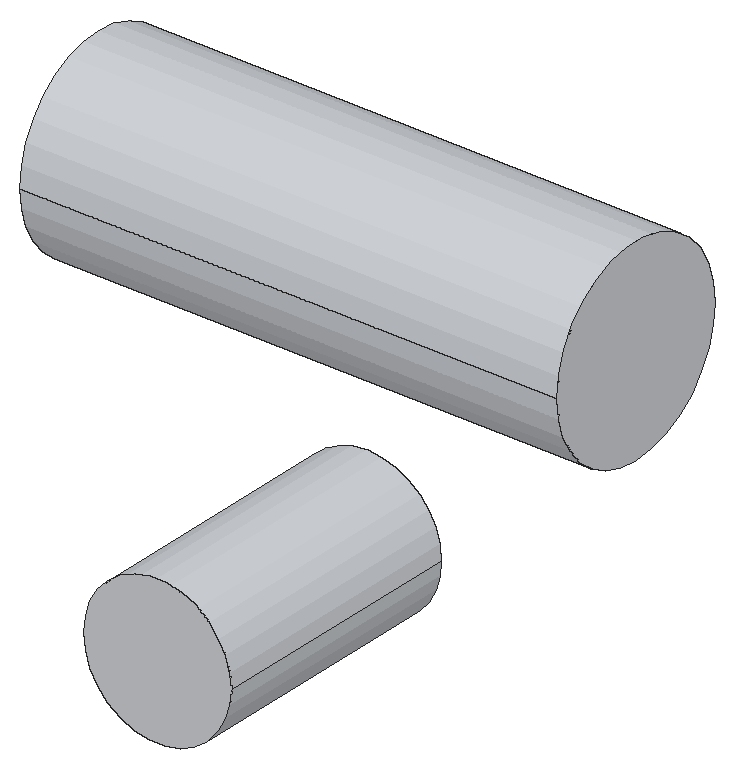
Revit family "25-HL", category Plumbing Fixtures, Revit 2014
Parameters (values of type "25-HL")
  Vent Connection = yes
  URL = "http://www.helvex.com.mx/contenido.php?producto=503"
  Type Comments = "Drains"
  Plate Diameter = 7.1"
  Model = "25-HL"
  Minimum Height = 6.3"
  Maximum Height = 7.1"
  Manufacturer = "Helvex"
  Installation Thread Upper = "2\" - 11 ½\" NPSM"
  Installation Thread Lower = "1 ½\" - 11 NPSM"
  Grid = Stainless Steel
  Features = "Integrated Ceespool, Drain with Double Plate , Hydraulic Seal"
  Elevation Range = "0.6\" - 1.4\""
  Drain = Forged Brass
  Documentation = "http://www.helvex.com.mx/productos/fichas/25-HL.pdf"
  Description = "Floor Drain, Three Outlets With Smooth Round Top"
  CW Connection = yes
  Body = Iron, Cast
Reference planes (in)
  plane 1 "Center (Front/Back)": y = 0
  plane 2: z = 0
  plane 3 "Center (Left/Right)": x = 0
Forms (in)
  Extrusion 1, solid
    sketch origin (0, 0, -0.76941) x (0, 1, 0) y (0, 0, 1)
      loop
        circle (0, -2.04491) r 1
    from -2.729 to 2.729
  Extrusion 2, solid
    sketch origin (0, 0, -0.76941) x (1, 0, 0) y (0, 0, 1)
      loop
        circle (0, -4.65861) r 0.75
    from 0 to 2.665
Dimensions and locks (in)
  aligned and locked: level to plane 2
Connectors (in)
  piping at (2.729, 0, -2.81432), diameter 2, driven by "CW Connection"
    settings: on Extrusion 1, index 1, connector inside diameter 609.6 mm, connector length 0", flow factor 0, pipe flow 0.0 L/s, pressure drop 0.0 psi, fitting loss kfactor 0, connector angle 0.00°, fixture units 0, engagement length 0", angle of deflection 0.00°, flow configuration 2, flow direction 2, fitting loss method 0, system type 16, joint type 0, gender type 0, connector reference index -1, connector utility 1, adjustable connector no, is connector primary yes, connector description ""
  piping at (-2.729, 0, -2.81432), diameter 2, driven by "CW Connection"
    settings: on Extrusion 1, index 2, connector inside diameter 609.6 mm, connector length 0", flow factor 0, pipe flow 0.0 L/s, pressure drop 0.0 psi, fitting loss kfactor 0, connector angle 0.00°, fixture units 0, engagement length 0", angle of deflection 0.00°, flow configuration 2, flow direction 2, fitting loss method 0, system type 16, joint type 0, gender type 0, connector reference index -1, connector utility 1, adjustable connector no, is connector primary no, connector description ""
  piping at (0, -2.665, -5.42802), diameter 1.5, driven by "CW Connection"
    settings: on Extrusion 2, index 3, connector inside diameter 609.6 mm, connector length 0", flow factor 0, pipe flow 0.0 L/s, pressure drop 0.0 psi, fitting loss kfactor 0, connector angle 0.00°, fixture units 0, engagement length 0", angle of deflection 0.00°, flow configuration 2, flow direction 1, fitting loss method 0, system type 16, joint type 0, gender type 0, connector reference index -1, connector utility 1, adjustable connector no, is connector primary no, connector description ""
